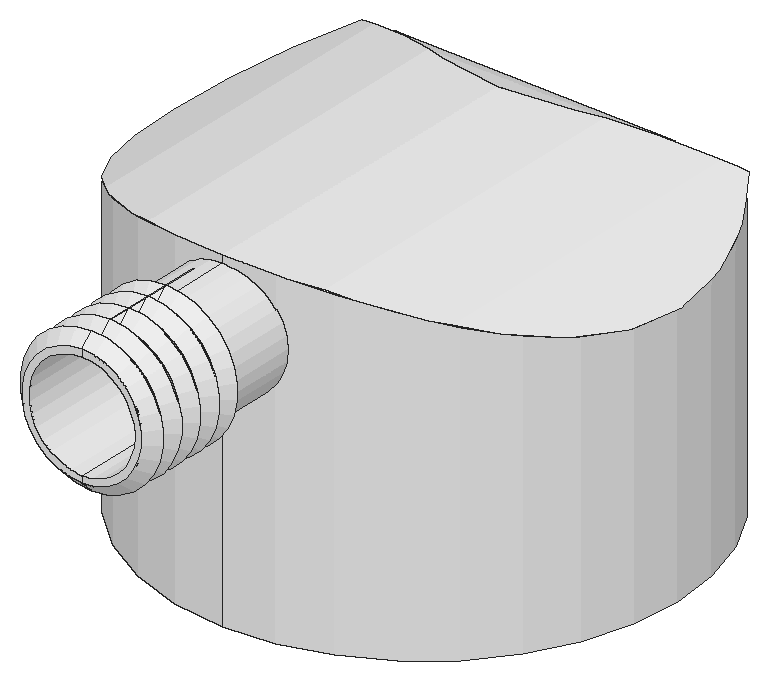
Revit family "xWall_Supply-American_Standard-8888.037", category Plumbing Fixtures, host Face, Revit 2014
Parameters (values of type "8888.037")
  Width = 2 3/8"
  Water Connection Radius = 1/4"
  Water Connection Diameter = 1/2"
  Waste Connection = no
  Warranty Information = "One Year Limited Warranty"  # constant formula
  WFU = 4
  Vent Connection = no
  URL = "https://www.americanstandard-us.com/"
  Type Comments = ""
  Product Page URL = "https://www.americanstandard-us.com/bathroom/shower-faucets/wall-supply-17048"
  Product Documentation Link = "https://www.americanstandard-us.com/-/media/sites/asus/files/product-specs/bulk/specsheet8888037.pdf?la=en"
  Price = "Prices may vary. Please consult Manufacturer Representative for most up-to-date price list."  # constant formula
  Model = "8888.037"
  Material = "Brass-American Standard-002-Polished Chrome"
  Manufacturer = "American Standard"
  Length = 1 1/4"
  Installation Type = "Wall Mounted"  # constant formula
  HWFU = 3
  HW Connection = yes
  Finish = Brass-American Standard-002-Polished Chrome
  Description = "Wall Supply"  # constant formula
  Default Elevation = 60"  # constant formula
  Creation Date = "01/31/2018"  # constant formula
  CWFU = 3
  CW Connection = yes
  Assembly Code = "D2010700"
Reference planes (in)
  plane 1 "Center (Front/Back)": y = 0
  plane 2: z = 0
  plane 3 "Center (Left/Right)": x = 0
  plane 4: z = 1.25
  plane 5: z = 1
  plane 6: z = 1.5
  plane 7: y = -0.25
  plane 8: y = 0.25
  plane 9: y = -1.1875
  plane 10: y = -1.1875
  plane 11: y = 1.1875
Forms (in)
  Revolve 1, solid, material "Brass-American Standard-002-Polished Chrome" <- "Finish"
    sketch origin (0, 0, 0) x (0, 1, 0) y (0, 0, 1)
      loop
        line (0, 0) -> (0, 1.59039) -> (-1.1875, 1.59039) -> (-1.1875, 0) -> (0, 0)
      axis (0, 1.59039) -> (0, 0)
    angle from 0 to 360
  Revolve 2, solid, material "Brass-American Standard-002-Polished Chrome" <- "Finish"
    sketch origin (0, 0, 0) x (0, 1, 0) y (0, 0, 1)
      loop
        line (-1.05387, 1.53054) -> (-1.48669, 1.53054) -> (-1.52189, 1.58664) -> (-1.57669, 1.53183) -> (-1.63149, 1.58664) -> (-1.6863, 1.53183) -> (-1.7411, 1.58664) -> (-1.7959, 1.53183) -> (-1.8507, 1.58664) -> (-1.90551, 1.53183) -> (-1.96031, 1.58664) -> (-2.01511, 1.53183) -> (-2.01511, 1.5) -> (-1.03639, 1.5) -> (-1.03639, 1.25) -> (0.23333, 1.25) -> (0.23333, 1.59039) -> (-1.05387, 1.59039) -> (-1.05387, 1.53054)
      axis (-2.01511, 1.25) -> (0.23333, 1.25)
    angle from 0 to 360
  Extrusion 3, void
    sketch origin (0, 0, 0) x (0, 1, 0) y (0, 0, 1)
      loop
        line (1.2407, 0.95217) -> (1.2407, 1.71294) -> (-1.2593, 1.71294) -> (-1.2593, 1.59039) -> (0.23447, 1.59039)
        arc (0.23447, 1.59039) -> (0.51122, 1.53914) -> (0.75129, 1.39221) r 0.77298
        line (0.75129, 1.39221) -> (1.2407, 0.95217)
    from -1.33871 to 1.27224
  Extrusion 4, void
    sketch origin (0, 0, -0.02344) x (1, 0, 0) y (0, 0, 1)
      loop
        line (1.26012, 1.20458) -> (1.26012, 1.69899) -> (-1.26012, 1.69899) -> (-1.26012, 1.21259)
        arc (-1.26012, 1.21259) -> (0.00121, 1.58941) -> (1.26012, 1.20458) r 2.27525
    from -0.84771 to 1.26659
  Revolve 5, solid, material "Brass-American Standard-002-Polished Chrome" <- "Finish"
    sketch origin (0, 0, 0) x (0, 1, 0) y (0, 0, 1)
      loop
        line (-0.25, 0) -> (-0.28405, 0) -> (-0.3279, -0.04385) -> (-0.28405, -0.0877) -> (-0.3279, -0.13155) -> (-0.28405, -0.1754) -> (-0.3279, -0.21925) -> (-0.29715, -0.25) -> (-0.25, -0.25) -> (-0.25, 0)
      axis (0, 0) -> (0, -0.25)
    angle from 0 to 360
Cuts and joins
  Extrusion 3, Extrusion 4 cuts Revolve 1
  Extrusion 4 cuts Revolve 2
  joined: Revolve 1, Revolve 2, Revolve 5
Lines and regions (in)
  Masking region 1
    outline origin (0, 0, 0) x (1, 0, 0) y (0, 0, 1)
      loop
        line (-1.18748, 1.23519) -> (-1.18748, 0) -> (1.18747, 0) -> (1.18747, 1.22783)
        arc (1.18747, 1.22783) -> (0.67752, 1.46088) -> (0.12606, 1.56214) r 2.27525
        arc (0.12606, 1.56214) -> (0.00103, 1.58664) -> (-0.12414, 1.56291) r 0.33664
        arc (-0.12414, 1.56291) -> (-0.67615, 1.46506) -> (-1.18748, 1.23519) r 2.27525
  symbolic lines, detail levels medium+fine
    curve 1: arc (-0.12414, 0, 1.56291) -> (0, 0, 1.56589) -> (0.12414, 0, 1.56291) r 2.59229
Dimensions and locks (in)
  "Width": plane 11 to plane 10
  plane 5 to plane 6 = 1/2"
  plane 8 to plane 7 = 1/2"
  aligned and locked: plane 2 to host face
  aligned and locked: level to host face
Automatic sketch dimensions
  host sketch curve to host sketch curve = 96"  (x2)
  Revolve 1 sketch curve to plane 9 = 0"
  Revolve 1 sketch curve to plane 1 "Center (Front/Back)" = 0"  (x2)
  Revolve 1 sketch curve to level = 0"
  Revolve 1 sketch curve to plane 6 = 0.09039"
  Revolve 1 sketch curve to Revolve 1 sketch curve = 0.5786"
  Revolve 1 sketch curve to Revolve 1 sketch curve = 0.33102"
  plane 6 to Revolve 2 sketch curve = 0"
  plane 4 to Revolve 2 sketch curve = 0"  (x2)
  Revolve 2 sketch curve to plane 6 = 0.03183"  (x5)
  plane 9 to Revolve 2 sketch curve = 0.82761"
  Revolve 2 sketch curve to plane 6 = 0.08664"  (x5)
  Revolve 2 sketch curve to Revolve 2 sketch curve = 0.0548"
  Revolve 2 sketch curve to plane 6 = 0.03054"
  Revolve 2 sketch curve to Revolve 2 sketch curve = 0.0352"
  Revolve 2 sketch curve to plane 9 = 0.13363"
  Revolve 2 sketch curve to plane 9 = 0.15111"
  plane 8 to Revolve 2 sketch curve = 0.01667"
  Revolve 2 sketch curve to Revolve 2 sketch curve = 0.05984"
  Revolve 2 sketch curve to plane 8 = 0.28087"
  plane 11 to Revolve 2 sketch curve = 0.08629"
  plane 9 to Extrusion 3 sketch curve = 0.0718"
  plane 8 to Extrusion 3 sketch curve = 0.01553"
  plane 6 to Extrusion 3 sketch curve = 0.10779"
  plane 11 to Extrusion 3 sketch curve = 0.43621"
  Extrusion 3 sketch curve to plane 11 = 0.0532"
  plane 5 to Extrusion 3 sketch curve = 0.04783"
  plane 5 to Extrusion 3 sketch curve = 0.18259"
  Extrusion 3 sketch curve to plane 6 = 0.21294"
  plane 4 to Extrusion 4 sketch curve = 0.06085"
  Extrusion 4 sketch curve to plane 3 "Center (Left/Right)" = 1.26012"
  Extrusion 4 sketch curve to plane 3 "Center (Left/Right)" = 0.00602"
  Extrusion 4 sketch curve to plane 6 = 0.17555"
  plane 3 "Center (Left/Right)" to Extrusion 4 sketch curve = 1.26012"
  Extrusion 4 sketch curve to Extrusion 4 sketch curve = 0.49441"
  Revolve 5 sketch curve to level = 0"  (x2)
  Revolve 5 sketch curve to plane 7 = 0"
  Revolve 5 sketch curve to plane 1 "Center (Front/Back)" = 0"
  plane 7 to Revolve 5 sketch curve = 0.03405"  (x3)
  plane 7 to Revolve 5 sketch curve = 0.04715"
  Revolve 5 sketch curve to Revolve 5 sketch curve = 0.04385"  (x2)
  Revolve 5 sketch curve to level = 0.04385"
  Revolve 5 sketch curve to Revolve 5 sketch curve = 0.03075"
  Revolve 5 sketch curve to Revolve 5 sketch curve = 0.13472"
  Masking region 1 sketch curve to level = 0"
  Masking region 1 sketch curve to plane 3 "Center (Left/Right)" = 0"
  Masking region 1 sketch curve to plane 4 = 0"
  plane 4 to Masking region 1 sketch curve = 0.02217"
  Masking region 1 sketch curve to plane 3 "Center (Left/Right)" = 0.12414"
  Masking region 1 sketch curve to Masking region 1 sketch curve = 0"  (x2)
  Masking region 1 sketch curve to plane 3 "Center (Left/Right)" = 0.00602"
  Masking region 1 sketch curve to level = 0.70927"
  plane 4 to Masking region 1 sketch curve = 0.01481"
  Masking region 1 sketch curve to plane 6 = 0.06291"
  Masking region 1 sketch curve to plane 6 = 0.06214"
  curve 1 to plane 3 "Center (Left/Right)" = 0"
  curve 1 to level = 1.02641"
  curve 1 to plane 3 "Center (Left/Right)" = 0.12414"
  plane 3 "Center (Left/Right)" to curve 1 = 0.12414"
  curve 1 to plane 6 = 0.06291"
Connectors (in)
  piping at (0, -2.01511, 1.25), diameter 0.5, driven by "Water Connection Diameter"
    settings: on cut or joined group of Revolve 1, Revolve 2, Extrusion 3, Extrusion 4, Revolve 5, index 1, connector inside diameter 24", connector length 0", flow factor 0, pipe flow 0 GPM, pressure drop 0.00 psi, fitting loss kfactor 0, connector angle 0.00°, fixture units 0, engagement length 0", angle of deflection 0.00°, flow configuration 0, flow direction 2, fitting loss method 0, system type 29, joint type 0, gender type 0, connector reference index -1, connector utility 0, adjustable connector no, is connector primary yes, connector description "1/2\" NPSM Male Hose Thread"
  piping at (0, 0, -0.25), diameter 0.5, driven by "Water Connection Diameter"
    settings: on cut or joined group of Revolve 1, Revolve 2, Extrusion 3, Extrusion 4, Revolve 5, index 2, connector inside diameter 24", connector length 0", flow factor 0, pipe flow 0 GPM, pressure drop 0.00 psi, fitting loss kfactor 0, connector angle 0.00°, fixture units 0, engagement length 0", angle of deflection 0.00°, flow configuration 0, flow direction 1, fitting loss method 0, system type 29, joint type 0, gender type 0, connector reference index -1, connector utility 0, adjustable connector no, is connector primary no, connector description "1/2\" NPT Female Thread Connection"
